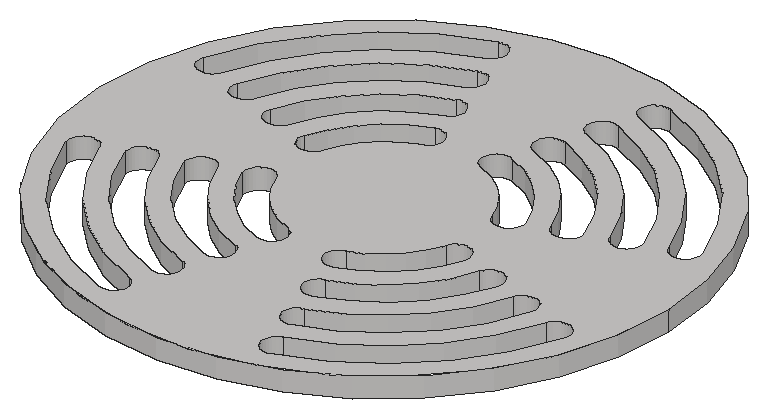
Revit family "CADS_AIRFLOWdev_FloorGrille_SatinStSteel140mm_Extract1", category Air Terminals, host Face, Revit 2015
Parameters (values of type "CADS_AIRFLOWdev_FloorGrille_SatinStSteel140mm_Extract")
  WeeklyMaintenance = "N/A"
  WarrantyStartDate [instance] = "1900-12-31T23:59:185"
  WarrantyPeriod = "0"
  WarrantyIdentifier = "N/A"
  WarrantyGuarantorParts = "info@airflow.com"
  WarrantyGuarantorLabor = "info@airflow.com"
  WarrantyGuarantor = "Airflow Developments Ltd"
  WarrantyEndDate [instance] = "1900-12-31T23:59:185"
  WarrantyContent = "N/A"
  Uniclass2015 = "Pr_65_70_46_07"
  TemperatureRange = "up to 40°C"
  TagNumber [instance] = "N/A"
  SustainabilityPerformance = "N/A"
  Status = "New"
  Size = "37 x 161 x 161"
  ShippingWeight = 0.54 kg
  Shape = "Round"
  ServiceLifeType = "EXPECTEDSERVICELIFE"
  ServiceLifeDuration = "10"
  SerialNumber [instance] = "N/A"
  SAPApproval = yes
  ReplacementCost = "78.744"
  RedDotDesignAward = no
  QuarterlyMaintenance = "N/A"
  Quantity = 1
  ProductionYear = "2017"
  ProductLiterature = "https://www.airflow.com/pdf/Accessories.pdf#page=14"
  PointOfContact = "Airflow Developments Ltd"
  PassiveHouseApproval = no
  NominalWidth = 161 mm
  NominalLength = 161 mm
  NominalHeight = 37 mm
  NBSCode = "90-75-50/370 Air terminals;"
  MonthlyMaintenance = "N/A"
  ModelReference [instance] = "9041174"
  ModelLabel [instance] = "Floor Grille Satin Stainless Steel"
  Material = "Steel"
  ManufacturerWebsite = "www.airflow.com"
  ManufacturerTelephone = "01494 525252"
  ManufacturerE-Mail = "info@airflow.com"
  ManufacturerAddress = "Aidelle House\nLancaster Road\nCressex Business Park\nHigh Wycombe\nBucks\nHP123QP"
  Manufacturer = "Airflow Developments Ltd"
  MaintenanceRequired8001to12000hrs = "N/A"
  MaintenanceRequired601to1000hrs = "N/A"
  MaintenanceRequired4001to8000hrs = "N/A"
  MaintenanceRequired301to600hrs = "N/A"
  MaintenanceRequired2001to4000hrs = "N/A"
  MaintenanceRequired1001to2000hrs = "N/A"
  MaintenanceRequired0to300hrs = "N/A"
  IsExtendedWarranty = no
  InstallationDate [instance] = "1900-12-31T23:59:185"
  ISO90001 = yes
  ISO140001 = yes
  GrossWeight = 0.45 kg
  Grade = "Stainless"
  GlobalTradeItemNumber [instance] = "5019009306087"
  Flow [instance] = 0.0 L/s
  Fitting Type = "Ignore"
  FireControlPanelLinks = no
  Finish = "Lacquer"
  Features = "Satin Stainless Steel Floor Grille"
  ExpectedServiceLife = 10
  Exclusions = "N/A"
  DurationUnit = "Year"
  Default Elevation = 1219.2 mm
  DailyMaintenance = "N/A"
  Constituents = "Floor Grille Satin Stainless Steel"
  Color = "Silver"
  CodePerformance = "N/A"
  CEApproval = yes
  CADS_Index = 0
  BespokeTimeFrameMaintenance = "N/A"
  AssetType = "FIXED"
  AssetIdentifier [instance] = "N/A"
  AssemblyPlace = "UNKNOWN"
  ArticleNumber [instance] = "N/A"
  AnnualMaintenance = "N/A"
  AccessibilityPerformance = "N/A"
  6MonthlyMaintenance = "Visually inspect system, clean the fan and ducting if necessary"
Types (2, lengths in mm): name | RedDotDesignAward | PassiveHouseApproval | NominalWidth | NominalLength | NominalHeight | IsExtendedWarranty | FireControlPanelLinks
  (no name) | yes | yes | 0 | 0 | 0 | yes | yes
  CADS_AIRFLOWdev_FloorGrille_SatinStSteel140mm_Extract | no | no | 161 | 161 | 37 | no | no
Values of the unnamed type that differ from the named types
  WeeklyMaintenance = ""
  WarrantyStartDate = ""
  WarrantyPeriod = ""
  WarrantyIdentifier = ""
  WarrantyGuarantorParts = ""
  WarrantyGuarantorLabor = ""
  WarrantyGuarantor = ""
  WarrantyEndDate = ""
  WarrantyContent = ""
  Uniclass2015 = ""
  TemperatureRange = ""
  TagNumber = ""
  SustainabilityPerformance = ""
  Status = ""
  Size = ""
  ShippingWeight = 0.00 kg
  Shape = ""
  ServiceLifeType = ""
  ServiceLifeDuration = ""
  SerialNumber = ""
  ReplacementCost = ""
  QuarterlyMaintenance = ""
  Quantity = 0
  ProductionYear = ""
  ProductLiterature = ""
  PointOfContact = ""
  NBSCode = ""
  MonthlyMaintenance = ""
  ModelReference = ""
  ModelLabel = ""
  Material = ""
  ManufacturerWebsite = ""
  ManufacturerTelephone = ""
  ManufacturerE-Mail = ""
  ManufacturerAddress = ""
  MaintenanceRequired8001to12000hrs = ""
  MaintenanceRequired601to1000hrs = ""
  MaintenanceRequired4001to8000hrs = ""
  MaintenanceRequired301to600hrs = ""
  MaintenanceRequired2001to4000hrs = ""
  MaintenanceRequired1001to2000hrs = ""
  MaintenanceRequired0to300hrs = ""
  InstallationDate = ""
  GrossWeight = 0.00 kg
  Grade = ""
  GlobalTradeItemNumber = ""
  Fitting Type = ""
  Finish = ""
  Features = ""
  ExpectedServiceLife = 0
  Exclusions = ""
  DurationUnit = ""
  DailyMaintenance = ""
  Constituents = ""
  Color = ""
  CodePerformance = ""
  BespokeTimeFrameMaintenance = ""
  AssetType = ""
  AssetIdentifier = ""
  AssemblyPlace = ""
  ArticleNumber = ""
  AnnualMaintenance = ""
  AccessibilityPerformance = ""
  6MonthlyMaintenance = ""
Reference planes
  plane 1 "Center (Front/Back)": y = 0
  plane 2: z = 0
  plane 3 "Center (Left/Right)": x = 0
Forms (mm)
  Extrusion 1, void
    sketch origin (0, 0, 0) x (1, 0, 0) y (0, 1, 0)
      loop
        circle (0, 0) r 70
    from 0 to -250
  Extrusion 2, solid, material "CADS_AIRFLOWdev_StainlessSteel"
    sketch origin (0, 0, 0) x (1, 0, 0) y (0, 1, 0)
      loop
        circle (0, 0) r 70
      loop
        arc (21.162, 61.459) -> (16.713, 59.289) -> (18.883, 54.84) r 3.5
        arc (18.883, 54.84) -> (41.012, 41.012) -> (54.84, 18.883) r 58
        arc (54.84, 18.883) -> (59.289, 16.713) -> (61.459, 21.162) r 3.5
        arc (61.459, 21.162) -> (45.962, 45.962) -> (21.162, 61.459) r 65
      loop
        arc (17.255, 50.112) -> (12.806, 47.943) -> (14.976, 43.494) r 3.5
        arc (14.976, 43.494) -> (32.527, 32.527) -> (43.494, 14.976) r 46
        arc (43.494, 14.976) -> (47.943, 12.806) -> (50.112, 17.255) r 3.5
        arc (50.112, 17.255) -> (37.477, 37.477) -> (17.255, 50.112) r 53
      loop
        arc (11.069, 32.148) -> (24.042, 24.042) -> (32.148, 11.069) r 34
        arc (32.148, 11.069) -> (36.596, 8.899) -> (38.766, 13.348) r 3.5
        arc (38.766, 13.348) -> (28.991, 28.991) -> (13.348, 38.766) r 41
        arc (13.348, 38.766) -> (8.899, 36.596) -> (11.069, 32.148) r 3.5
      loop
        arc (7.162, 20.801) -> (15.556, 15.556) -> (20.801, 7.162) r 22
        arc (20.801, 7.162) -> (25.25, 4.993) -> (27.42, 9.441) r 3.5
        arc (27.42, 9.441) -> (20.506, 20.506) -> (9.441, 27.42) r 29
        arc (9.441, 27.42) -> (4.993, 25.25) -> (7.162, 20.801) r 3.5
      loop
        arc (-21.162, 61.459) -> (-45.962, 45.962) -> (-61.459, 21.162) r 65
        arc (-61.459, 21.162) -> (-59.289, 16.713) -> (-54.84, 18.883) r 3.5
        arc (-54.84, 18.883) -> (-41.012, 41.012) -> (-18.883, 54.84) r 58
        arc (-18.883, 54.84) -> (-16.713, 59.289) -> (-21.162, 61.459) r 3.5
      loop
        arc (-17.255, 50.112) -> (-37.477, 37.477) -> (-50.112, 17.255) r 53
        arc (-50.112, 17.255) -> (-47.943, 12.806) -> (-43.494, 14.976) r 3.5
        arc (-43.494, 14.976) -> (-32.527, 32.527) -> (-14.976, 43.494) r 46
        arc (-14.976, 43.494) -> (-12.806, 47.943) -> (-17.255, 50.112) r 3.5
      loop
        arc (-11.069, 32.148) -> (-8.899, 36.596) -> (-13.348, 38.766) r 3.5
        arc (-13.348, 38.766) -> (-28.991, 28.991) -> (-38.766, 13.348) r 41
        arc (-38.766, 13.348) -> (-36.596, 8.899) -> (-32.148, 11.069) r 3.5
        arc (-32.148, 11.069) -> (-24.042, 24.042) -> (-11.069, 32.148) r 34
      loop
        arc (-7.162, 20.801) -> (-4.993, 25.25) -> (-9.441, 27.42) r 3.5
        arc (-9.441, 27.42) -> (-20.506, 20.506) -> (-27.42, 9.441) r 29
        arc (-27.42, 9.441) -> (-25.25, 4.993) -> (-20.801, 7.162) r 3.5
        arc (-20.801, 7.162) -> (-15.556, 15.556) -> (-7.162, 20.801) r 22
      loop
        arc (21.162, -61.459) -> (45.962, -45.962) -> (61.459, -21.162) r 65
        arc (61.459, -21.162) -> (59.289, -16.713) -> (54.84, -18.883) r 3.5
        arc (54.84, -18.883) -> (41.012, -41.012) -> (18.883, -54.84) r 58
        arc (18.883, -54.84) -> (16.713, -59.289) -> (21.162, -61.459) r 3.5
      loop
        arc (17.255, -50.112) -> (37.477, -37.477) -> (50.112, -17.255) r 53
        arc (50.112, -17.255) -> (47.943, -12.806) -> (43.494, -14.976) r 3.5
        arc (43.494, -14.976) -> (32.527, -32.527) -> (14.976, -43.494) r 46
        arc (14.976, -43.494) -> (12.806, -47.943) -> (17.255, -50.112) r 3.5
      loop
        arc (11.069, -32.148) -> (8.899, -36.596) -> (13.348, -38.766) r 3.5
        arc (13.348, -38.766) -> (28.991, -28.991) -> (38.766, -13.348) r 41
        arc (38.766, -13.348) -> (36.596, -8.899) -> (32.148, -11.069) r 3.5
        arc (32.148, -11.069) -> (24.042, -24.042) -> (11.069, -32.148) r 34
      loop
        arc (7.162, -20.801) -> (4.993, -25.25) -> (9.441, -27.42) r 3.5
        arc (9.441, -27.42) -> (20.506, -20.506) -> (27.42, -9.441) r 29
        arc (27.42, -9.441) -> (25.25, -4.993) -> (20.801, -7.162) r 3.5
        arc (20.801, -7.162) -> (15.556, -15.556) -> (7.162, -20.801) r 22
      loop
        arc (-21.162, -61.459) -> (-16.713, -59.289) -> (-18.883, -54.84) r 3.5
        arc (-18.883, -54.84) -> (-41.012, -41.012) -> (-54.84, -18.883) r 58
        arc (-54.84, -18.883) -> (-59.289, -16.713) -> (-61.459, -21.162) r 3.5
        arc (-61.459, -21.162) -> (-45.962, -45.962) -> (-21.162, -61.459) r 65
      loop
        arc (-17.255, -50.112) -> (-12.806, -47.943) -> (-14.976, -43.494) r 3.5
        arc (-14.976, -43.494) -> (-32.527, -32.527) -> (-43.494, -14.976) r 46
        arc (-43.494, -14.976) -> (-47.943, -12.806) -> (-50.112, -17.255) r 3.5
        arc (-50.112, -17.255) -> (-37.477, -37.477) -> (-17.255, -50.112) r 53
      loop
        arc (-11.069, -32.148) -> (-24.042, -24.042) -> (-32.148, -11.069) r 34
        arc (-32.148, -11.069) -> (-36.596, -8.899) -> (-38.766, -13.348) r 3.5
        arc (-38.766, -13.348) -> (-28.991, -28.991) -> (-13.348, -38.766) r 41
        arc (-13.348, -38.766) -> (-8.899, -36.596) -> (-11.069, -32.148) r 3.5
      loop
        arc (-7.162, -20.801) -> (-15.556, -15.556) -> (-20.801, -7.162) r 22
        arc (-20.801, -7.162) -> (-25.25, -4.993) -> (-27.42, -9.441) r 3.5
        arc (-27.42, -9.441) -> (-20.506, -20.506) -> (-9.441, -27.42) r 29
        arc (-9.441, -27.42) -> (-4.993, -25.25) -> (-7.162, -20.801) r 3.5
    from 0 to -5
Dimensions and locks
  aligned and locked: plane 2 to host face
  aligned and locked: level to host face
Connectors
  hvac at (0, 0, -5), driven by "Flow"
    settings: on Extrusion 2, index 1, duct flow 0.0 L/s, flow factor 0, pres drop 0.0 Pa, loss coef 0, conn angle 0.00°, conn width 304.8 mm, conn height 304.8 mm, conn diameter 140 mm, duct sys type 2, conn prof type 0, flow config 1, flow direction 2, loss method 0, conn ref index -1, conn util no, is conn primary yes, conn desc ""
